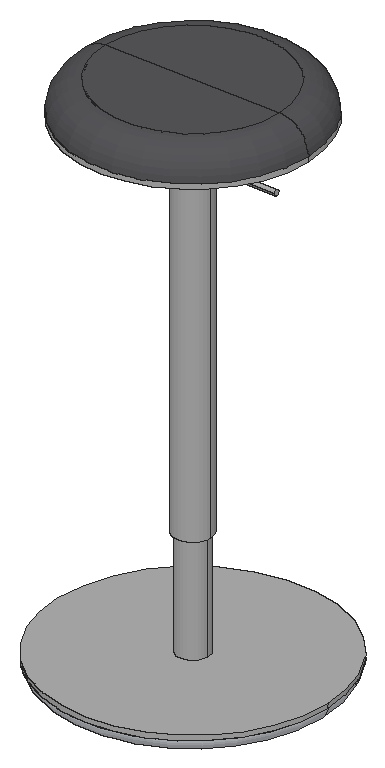
Revit family "Haworth_Tilt_Stool", category Furniture, Revit 2018
Family settings
  OmniClass Number = 23.40.70.14.64.21
  OmniClass Title = Systems Furniture
  Work Plane-Based = No
  Always vertical = Yes
  Cut with Voids When Loaded = No
  Shared = No
  Room Calculation Point = No
Parameters (values of type "Tilt")
  Warranty = "http://www.haworth.com/resources/product-info/warranties"
  URL - Product = "https://www.haworth.com/na/en/products/stools/tilt.html"
  Sustainability Info = "http://www.haworth.com/company-info/sustainability"
  Standard Seat Heights = "26 in. - 35 in."  # constant formula
  Seat Height Min = 26"  # constant formula
  Seat Height Max = 35"  # constant formula
  Seat Height = 28"
  Seat Finish = Haworth _ Fabric _ Tellure _ Black 3A-18
  Model = "Haworth - Chair - Tilt"  # constant formula
  Frame Finish = Haworth _ Metal _ Chrome
  Description = "Haworth - Chair - Tilt"  # constant formula
  URL = "http://haworth.com/"
  Size = "Verify Final Dim. w/ Haworth"  # constant formula
  Revision Number = "3"  # constant formula
  Manufacturer = "Haworth"  # constant formula
  Base Finish = none
  Author = "Haworth (Hampton)"  # constant formula
  Assembly Code = "E2020200"
  Actual Seat Height = if(Seat Height < Seat Height Min, Seat Height Min, if(Seat Height > Seat Height Max, Seat Height Max, Seat Height))  # 28"
Reference planes (in)
  plane 1 "Center F/B": y = 0
  plane 2: z = 0
  plane 3 "Center L/R": x = 0
  plane 4 "Top": z = 28
  plane 5 "Back": y = 7
  plane 6 "Front": y = -7
  plane 7 "Left": x = -7
  plane 8 "Right": x = 7
  plane 9: through (-10.71875, -180, 0) normal (-0.0262, 0, -0.9997)
  plane 10 "Seat Fabric Bottom": z = 26.5
  plane 11 "Base Top": z = 1.42713
  plane 12 "Seat Metal Bottom": z = 26.25
  plane 13 "Base Plastic Top": z = 1.17713
  plane 14 "Cylinder Seam": z = 7
  plane 15 "Lever": z = 24.25
Forms (in)
  Extrusion 1, solid, material "Haworth _ Metal _ Chrome" <- "Frame Finish"
    sketch origin (0, 0, 0) x (1, 0, 0) y (0, 1, 0)
      loop
        circle (0, 0) r 6
    from 26.25 to 26.5
  Revolve 2, solid, material "Haworth _ Fabric _ Tellure _ Black 3A-18" <- "Seat Finish"
    sketch origin (0, 0, 0) x (1, 0, 0) y (0, 0, 1)
      loop
        line (0, 28) -> (0, 26.5) -> (6, 26.5)
        arc (6, 26.5) -> (5.56066, 27.56066) -> (4.5, 28) r 1.5
        line (4.5, 28) -> (0, 28)
      axis (0, 28) -> (0, 26.5)
    angle from 0 to 360
  Extrusion 3, solid, material "Haworth _ Metal _ Chrome" <- "Frame Finish"
    sketch origin (0, 0, 1.17713) x (-1, 0, 0) y (0, -1, 0)
      loop
        circle (0, 0) r 7
    from 0 to 0.25
  Revolve 4, solid, material <- "Base Finish"
    sketch origin (0, 0, 0) x (1, 0, 0) y (0, 0, 1)
      loop
        line (0, 1.17713) -> (0, 0) -> (3.13742, 0)
        arc (3.13742, 0) -> (4.82117, 0.14818) -> (6.46538, 0.54) r 11.57481
        arc (6.46538, 0.54) -> (6.82527, 0.78088) -> (7, 1.17713) r 0.77591
        line (7, 1.17713) -> (0, 1.17713)
      axis (0, 1.17713) -> (0, 0)
    angle from 0 to 360
  Extrusion 5, solid, material "Haworth _ Metal _ Chrome" <- "Frame Finish"
    sketch origin (0, 0, 1.17713) x (-1, 0, 0) y (0, -1, 0)
      loop
        circle (0, 0) r 0.93
    from 5.82287 to 25.07287
  Extrusion 6, solid, material "Haworth _ Metal _ Chrome" <- "Frame Finish"
    sketch origin (0, 0, 1.17713) x (-1, 0, 0) y (0, -1, 0)
      loop
        circle (0, 0) r 0.785
    from 0.25 to 5.82287
  Extrusion 7, solid, material "Haworth _ Metal _ Chrome" <- "Frame Finish"
    sketch origin (0, 0, 0) x (0, 1, 0) y (0, 0, 1)
      loop
        circle (0, 24.25) r 0.125
    from 0.94957 to 4.34467
Lines and regions (in)
  Masking region 1
    outline origin (0, 0, 1.17713) x (-1, 0, 0) y (0, -1, 0)
      loop
        circle (0, 0) r 7
Dimensions and locks (in)
  "Seat Height": plane 4 "Top" to level
  plane 11 "Base Top" to plane 2 = 1.42713"
  locked: plane 11 "Base Top" to plane 13 "Base Plastic Top" at 0.25
  locked: plane 4 "Top" to plane 10 "Seat Fabric Bottom" at 1.5
  locked: plane 10 "Seat Fabric Bottom" to plane 12 "Seat Metal Bottom" at 0.25
  locked: plane 12 "Seat Metal Bottom" to plane 14 "Cylinder Seam" at 19.25
  locked: plane 12 "Seat Metal Bottom" to plane 15 "Lever" at 2
  aligned and locked: plane 10 "Seat Fabric Bottom" to Extrusion 1
  aligned and locked: Extrusion 1 to plane 12 "Seat Metal Bottom"
  aligned and locked: plane 11 "Base Top" to Extrusion 3
  aligned and locked: plane 12 "Seat Metal Bottom" to Extrusion 5
  aligned and locked: Extrusion 5 to plane 14 "Cylinder Seam"
  aligned and locked: Extrusion 6 to plane 11 "Base Top"
  aligned and locked: plane 14 "Cylinder Seam" to Extrusion 6
Automatic sketch dimensions
  plane 1 "Center F/B" to Extrusion 1 sketch curve = 0"
  Extrusion 1 sketch curve to plane 3 "Center L/R" = 0"
  Revolve 2 sketch curve to plane 3 "Center L/R" = 0"
  Revolve 2 sketch curve to plane 10 "Seat Fabric Bottom" = 0"
  Revolve 2 sketch curve to plane 4 "Top" = 0"
  Revolve 2 sketch curve to plane 8 "Right" = 2 1/2"
  plane 1 "Center F/B" to Extrusion 3 sketch curve = 0"
  Extrusion 3 sketch curve to plane 3 "Center L/R" = 0"
  Revolve 4 sketch curve to plane 3 "Center L/R" = 0"
  Revolve 4 sketch curve to level = 0"
  Revolve 4 sketch curve to plane 8 "Right" = 0"
  Revolve 4 sketch curve to plane 13 "Base Plastic Top" = 0"
  plane 3 "Center L/R" to Revolve 4 sketch curve = 2.96729"
  plane 13 "Base Plastic Top" to Revolve 4 sketch curve = 0.10249"
  Revolve 4 sketch curve to plane 8 "Right" = 0.76911"
  Revolve 4 sketch curve to plane 8 "Right" = 0.53462"
  Revolve 4 sketch curve to Revolve 4 sketch curve = 0"
  plane 1 "Center F/B" to Extrusion 5 sketch curve = 0"
  Extrusion 5 sketch curve to plane 3 "Center L/R" = 0"
  plane 1 "Center F/B" to Extrusion 6 sketch curve = 0"
  Extrusion 6 sketch curve to plane 3 "Center L/R" = 0"
  Extrusion 7 sketch curve to plane 1 "Center F/B" = 0"
  Extrusion 7 sketch curve to plane 15 "Lever" = 0"
  plane 1 "Center F/B" to Masking region 1 sketch curve = 0"
  Masking region 1 sketch curve to plane 3 "Center L/R" = 0"
  radius of Extrusion 1 sketch curve = 6"
  radius of Extrusion 3 sketch curve = 7"
  radius of Extrusion 5 sketch curve = 0.93"
  radius of Extrusion 6 sketch curve = 0.785"
  radius of Extrusion 7 sketch curve = 1/8"
  radius of Masking region 1 sketch curve = 7"
